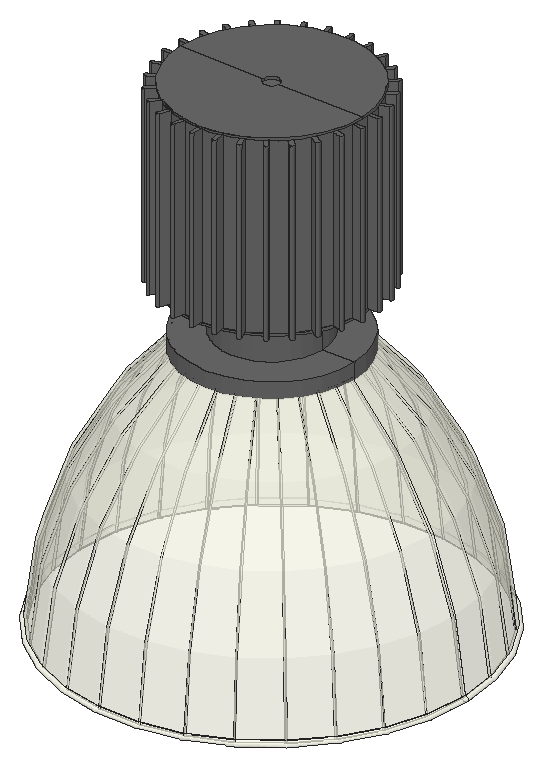
Revit family "TR1.PR", category Lighting Fixtures, Revit 2024
Family settings
  Round Connector Dimension = Use Diameter
  Part Type = Normal
  OmniClass Number = 23.80.70.00
  OmniClass Title = Lighting
  Work Plane-Based = No
  Always vertical = Yes
  Cut with Voids When Loaded = No
  Light Source = No
  Maintain Annotation Orientation = No
  Shared = No
  Room Calculation Point = No
Parameters
  Default Elevation = 0' - 0"
Reference planes (in)
  plane 1 "Light Source Axis (F/B)": y = 0
  plane 2: z = 0
  plane 3 "Light Source Axis (L/R)": x = 0
  plane 4 "Light Source Elevation": z = 54
Forms (in)
  Sweep 1, solid, material "GLASS SHADE", not visible
    path origin (75.968, 0, 0.00093) x (1, 0, 0) y (0, 0, 1)
      loop
        arc (-4.5864, 68.3252) -> (-8.91952, 61.72019) -> (-10.59309, 54) r 21.63816
    profile origin (67.04848, 0, 61.72112) x (0.922209, 0, -0.386691) y (0, -1, 0)
      loop
        circle (0, 0) r 0.03125
  Extrusion 2, solid, material "61", not visible
    sketch origin (21.22004, 0.07031, 3.70715) x (1, 0, 0) y (0, 1, 0)
      loop
        arc (0.70087, 4.42509) -> (0.0002, 4.48026) -> (-0.70003, 4.41981) r 4.27232
        line (-0.70003, 4.41981) -> (-0.65367, 4.12712)
        arc (-0.65367, 4.12712) -> (0, 4.17857) -> (0.65367, 4.12712) r 4.17857
        line (0.65367, 4.12712) -> (0.70087, 4.42509)
    from 66 to 73.80732
  Revolve 3, solid, material "61"
    sketch origin (0, 0, 0) x (1, 0, 0) y (0, 0, 1)
      loop
        line (1.61247, 63.86576) -> (2.87795, 63.86576) -> (2.87795, 63.9339) -> (1.51872, 63.9339) -> (1.51872, 63.86576) -> (1.51872, 62.33993) -> (2.53125, 62.33993) -> (2.53125, 61.93368) -> (2.625, 61.93368) -> (2.625, 62.43368) -> (1.61247, 62.43368) -> (1.61247, 63.86576)
      loop
        line (0.25, 69.43186) -> (2.87376, 69.43186) -> (2.87795, 69.5) -> (0.25, 69.5) -> (0.25, 69.43186)
      axis (0, 61.93368) -> (0, 69.5)
    angle from 0 to 360
  Revolve 4, solid, material "GLASS SHADE"
    sketch origin (0, 0, 0) x (1, 0, 0) y (0, 0, 1)
      loop
        arc (6.14986, 54.19326) -> (5.13107, 58.44102) -> (2.57335, 61.98213) r 11.26795
        line (2.57335, 61.98213) -> (2.50701, 61.91579)
        arc (2.50701, 61.91579) -> (5.06994, 58.34913) -> (6.06036, 54.07025) r 11.1742
        arc (6.06036, 54.07025) -> (6.2315, 54.03979) -> (6.14986, 54.19326) r 0.09666
      axis (0, 61.98213) -> (0, 54.07025)
    angle from 0 to 360
  Extrusion 5, solid, material "61"
    sketch origin (-21.0625, -9.2987, 57.43186) x (1, 0, 0) y (0, 1, 0)
      loop
        arc (21, 12.13951) -> (20.76548, 12.12463) -> (20.533, 12.09043) r 2.8415
        line (20.533, 12.09043) -> (20.46788, 12.39677)
        arc (20.46788, 12.39677) -> (20.39375, 12.44491) -> (20.34561, 12.37078) r 0.0625
        line (20.34561, 12.37078) -> (20.41073, 12.06444)
        arc (20.41073, 12.06444) -> (20.18443, 12.00112) -> (19.96413, 11.91933) r 2.8415
        line (19.96413, 11.91933) -> (19.83675, 12.20544)
        arc (19.83675, 12.20544) -> (19.75423, 12.23712) -> (19.72256, 12.1546) r 0.0625
        line (19.72256, 12.1546) -> (19.84994, 11.86849)
        arc (19.84994, 11.86849) -> (19.64175, 11.75951) -> (19.44328, 11.6337) r 2.8415
        line (19.44328, 11.6337) -> (19.25919, 11.88707)
        arc (19.25919, 11.88707) -> (19.17189, 11.9009) -> (19.15806, 11.8136) r 0.0625
        line (19.15806, 11.8136) -> (19.34215, 11.56023)
        arc (19.34215, 11.56023) -> (19.16117, 11.41034) -> (18.99319, 11.24602) r 2.8415
        line (18.99319, 11.24602) -> (18.76044, 11.45558)
        arc (18.76044, 11.45558) -> (18.67217, 11.45096) -> (18.6768, 11.36269) r 0.0625
        line (18.6768, 11.36269) -> (18.90954, 11.15313)
        arc (18.90954, 11.15313) -> (18.76368, 10.96889) -> (18.63353, 10.77323) r 2.8415
        line (18.63353, 10.77323) -> (18.36231, 10.92982)
        arc (18.36231, 10.92982) -> (18.27693, 10.90695) -> (18.29981, 10.82157) r 0.0625
        line (18.29981, 10.82157) -> (18.57103, 10.66498)
        arc (18.57103, 10.66498) -> (18.46666, 10.45444) -> (18.38004, 10.236) r 2.8415
        line (18.38004, 10.236) -> (18.08218, 10.33278)
        arc (18.08218, 10.33278) -> (18.00343, 10.29265) -> (18.04355, 10.2139) r 0.0625
        line (18.04355, 10.2139) -> (18.34141, 10.11712)
        arc (18.34141, 10.11712) -> (18.28309, 9.88948) -> (18.24378, 9.6578) r 2.8415
        line (18.24378, 9.6578) -> (17.93231, 9.69054)
        arc (17.93231, 9.69054) -> (17.86362, 9.63491) -> (17.91924, 9.56622) r 0.0625
        line (17.91924, 9.56622) -> (18.23072, 9.53349)
        arc (18.23072, 9.53349) -> (18.221, 9.2987) -> (18.23072, 9.06391) r 2.8415
        line (18.23072, 9.06391) -> (17.91924, 9.03117)
        arc (17.91924, 9.03117) -> (17.86362, 8.96248) -> (17.93231, 8.90686) r 0.0625
        line (17.93231, 8.90686) -> (18.24378, 8.93959)
        arc (18.24378, 8.93959) -> (18.28309, 8.70792) -> (18.34141, 8.48028) r 2.8415
        line (18.34141, 8.48028) -> (18.04355, 8.3835)
        arc (18.04355, 8.3835) -> (18.00343, 8.30474) -> (18.08218, 8.26462) r 0.0625
        line (18.08218, 8.26462) -> (18.38004, 8.3614)
        arc (18.38004, 8.3614) -> (18.46666, 8.14296) -> (18.57103, 7.93242) r 2.8415
        line (18.57103, 7.93242) -> (18.29981, 7.77582)
        arc (18.29981, 7.77582) -> (18.27693, 7.69045) -> (18.36231, 7.66757) r 0.0625
        line (18.36231, 7.66757) -> (18.63353, 7.82416)
        arc (18.63353, 7.82416) -> (18.76368, 7.62851) -> (18.90954, 7.44427) r 2.8415
        line (18.90954, 7.44427) -> (18.6768, 7.23471)
        arc (18.6768, 7.23471) -> (18.67217, 7.14644) -> (18.76044, 7.14181) r 0.0625
        line (18.76044, 7.14181) -> (18.99319, 7.35138)
        arc (18.99319, 7.35138) -> (19.16117, 7.18705) -> (19.34215, 7.03717) r 2.8415
        line (19.34215, 7.03717) -> (19.15806, 6.78379)
        arc (19.15806, 6.78379) -> (19.17189, 6.69649) -> (19.25919, 6.71032) r 0.0625
        line (19.25919, 6.71032) -> (19.44328, 6.9637)
        arc (19.44328, 6.9637) -> (19.64175, 6.83789) -> (19.84994, 6.72891) r 2.8415
        line (19.84994, 6.72891) -> (19.72256, 6.4428)
        arc (19.72256, 6.4428) -> (19.75423, 6.36028) -> (19.83675, 6.39195) r 0.0625
        line (19.83675, 6.39195) -> (19.96413, 6.67806)
        arc (19.96413, 6.67806) -> (20.18443, 6.59627) -> (20.41073, 6.53296) r 2.8415
        line (20.41073, 6.53296) -> (20.34561, 6.22661)
        arc (20.34561, 6.22661) -> (20.39375, 6.15249) -> (20.46788, 6.20063) r 0.0625
        line (20.46788, 6.20063) -> (20.533, 6.50697)
        arc (20.533, 6.50697) -> (20.76548, 6.47276) -> (21, 6.45788) r 2.8415
        line (21, 6.45788) -> (21, 6.1447)
        arc (21, 6.1447) -> (21.0625, 6.0822) -> (21.125, 6.1447) r 0.0625
        line (21.125, 6.1447) -> (21.125, 6.45788)
        arc (21.125, 6.45788) -> (21.35952, 6.47276) -> (21.592, 6.50697) r 2.8415
        line (21.592, 6.50697) -> (21.65712, 6.20063)
        arc (21.65712, 6.20063) -> (21.73125, 6.15249) -> (21.77939, 6.22661) r 0.0625
        line (21.77939, 6.22661) -> (21.71427, 6.53296)
        arc (21.71427, 6.53296) -> (21.94057, 6.59627) -> (22.16087, 6.67806) r 2.8415
        line (22.16087, 6.67806) -> (22.28825, 6.39195)
        arc (22.28825, 6.39195) -> (22.37077, 6.36028) -> (22.40244, 6.4428) r 0.0625
        line (22.40244, 6.4428) -> (22.27506, 6.72891)
        arc (22.27506, 6.72891) -> (22.48325, 6.83789) -> (22.68172, 6.9637) r 2.8415
        line (22.68172, 6.9637) -> (22.86581, 6.71032)
        arc (22.86581, 6.71032) -> (22.95311, 6.69649) -> (22.96694, 6.78379) r 0.0625
        line (22.96694, 6.78379) -> (22.78285, 7.03717)
        arc (22.78285, 7.03717) -> (22.96383, 7.18705) -> (23.13181, 7.35138) r 2.8415
        line (23.13181, 7.35138) -> (23.36456, 7.14181)
        arc (23.36456, 7.14181) -> (23.45283, 7.14644) -> (23.4482, 7.23471) r 0.0625
        line (23.4482, 7.23471) -> (23.21546, 7.44427)
        arc (23.21546, 7.44427) -> (23.36132, 7.62851) -> (23.49147, 7.82416) r 2.8415
        line (23.49147, 7.82416) -> (23.76269, 7.66757)
        arc (23.76269, 7.66757) -> (23.84807, 7.69045) -> (23.82519, 7.77582) r 0.0625
        line (23.82519, 7.77582) -> (23.55397, 7.93242)
        arc (23.55397, 7.93242) -> (23.65834, 8.14296) -> (23.74496, 8.3614) r 2.8415
        line (23.74496, 8.3614) -> (24.04282, 8.26462)
        arc (24.04282, 8.26462) -> (24.12157, 8.30474) -> (24.08145, 8.3835) r 0.0625
        line (24.08145, 8.3835) -> (23.78359, 8.48028)
        arc (23.78359, 8.48028) -> (23.84191, 8.70792) -> (23.88122, 8.93959) r 2.8415
        line (23.88122, 8.93959) -> (24.19269, 8.90686)
        arc (24.19269, 8.90686) -> (24.26138, 8.96248) -> (24.20576, 9.03117) r 0.0625
        line (24.20576, 9.03117) -> (23.89428, 9.06391)
        arc (23.89428, 9.06391) -> (23.904, 9.2987) -> (23.89428, 9.53349) r 2.8415
        line (23.89428, 9.53349) -> (24.20576, 9.56622)
        arc (24.20576, 9.56622) -> (24.26138, 9.63491) -> (24.19269, 9.69054) r 0.0625
        line (24.19269, 9.69054) -> (23.88122, 9.6578)
        arc (23.88122, 9.6578) -> (23.84191, 9.88948) -> (23.78359, 10.11712) r 2.8415
        line (23.78359, 10.11712) -> (24.08145, 10.2139)
        arc (24.08145, 10.2139) -> (24.12157, 10.29265) -> (24.04282, 10.33278) r 0.0625
        line (24.04282, 10.33278) -> (23.74496, 10.236)
        arc (23.74496, 10.236) -> (23.65834, 10.45444) -> (23.55397, 10.66498) r 2.8415
        line (23.55397, 10.66498) -> (23.82519, 10.82157)
        arc (23.82519, 10.82157) -> (23.84807, 10.90695) -> (23.76269, 10.92982) r 0.0625
        line (23.76269, 10.92982) -> (23.49147, 10.77323)
        arc (23.49147, 10.77323) -> (23.36132, 10.96889) -> (23.21546, 11.15313) r 2.8415
        line (23.21546, 11.15313) -> (23.4482, 11.36269)
        arc (23.4482, 11.36269) -> (23.45283, 11.45096) -> (23.36456, 11.45558) r 0.0625
        line (23.36456, 11.45558) -> (23.13181, 11.24602)
        arc (23.13181, 11.24602) -> (22.96383, 11.41034) -> (22.78285, 11.56023) r 2.8415
        line (22.78285, 11.56023) -> (22.96694, 11.8136)
        arc (22.96694, 11.8136) -> (22.95311, 11.9009) -> (22.86581, 11.88707) r 0.0625
        line (22.86581, 11.88707) -> (22.68172, 11.6337)
        arc (22.68172, 11.6337) -> (22.48325, 11.75951) -> (22.27506, 11.86849) r 2.8415
        line (22.27506, 11.86849) -> (22.40244, 12.1546)
        arc (22.40244, 12.1546) -> (22.37077, 12.23712) -> (22.28825, 12.20544) r 0.0625
        line (22.28825, 12.20544) -> (22.16087, 11.91933)
        arc (22.16087, 11.91933) -> (21.94057, 12.00112) -> (21.71427, 12.06444) r 2.8415
        line (21.71427, 12.06444) -> (21.77939, 12.37078)
        arc (21.77939, 12.37078) -> (21.73125, 12.44491) -> (21.65712, 12.39677) r 0.0625
        line (21.65712, 12.39677) -> (21.592, 12.09043)
        arc (21.592, 12.09043) -> (21.35952, 12.12463) -> (21.125, 12.13951) r 2.8415
        line (21.125, 12.13951) -> (21.125, 12.4527)
        arc (21.125, 12.4527) -> (21.0625, 12.5152) -> (21, 12.4527) r 0.0625
        line (21, 12.4527) -> (21, 12.13951)
    from 6.50204 to 12
  Sweep 6, solid, material "GLASS SHADE"
    path origin (0, 0, 0) x (1, 0, 0) y (0, 0, 1)
      loop
        arc (-2.50701, 61.91579) -> (-5.056, 58.34281) -> (-6.06036, 54.07025) r 11.36039
    profile origin (-5.056, 0, 58.34281) x (0.910926, 0, -0.41257) y (0, -1, 0)
      loop
        circle (0, 0) r 0.03125
  Sweep 7, solid, material "GLASS SHADE"
    path origin (0, 0, 0) x (0.978148, -0.207912, 0) y (0, 0, 1)
      loop
        arc (-2.50701, 61.91579) -> (-5.056, 58.34281) -> (-6.06036, 54.07025) r 11.36039
    profile origin (-4.94552, 1.0512, 58.34281) x (0.89102, -0.189392, -0.41257) y (-0.207912, -0.978148, 0)
      loop
        circle (0, 0) r 0.03125
  Sweep 8, solid, material "GLASS SHADE"
    path origin (0, 0, 0) x (0.978148, 0.207912, 0) y (0, 0, 1)
      loop
        arc (-2.50701, 61.91579) -> (-5.056, 58.34281) -> (-6.06036, 54.07025) r 11.36039
    profile origin (-4.94552, -1.0512, 58.34281) x (0.89102, 0.189392, -0.41257) y (0.207912, -0.978148, 0)
      loop
        circle (0, 0) r 0.03125
  Sweep 9, solid, material "GLASS SHADE"
    path origin (0, 0, 0) x (0.913545, 0.406737, 0) y (0, 0, 1)
      loop
        arc (-2.50701, 61.91579) -> (-5.056, 58.34281) -> (-6.06036, 54.07025) r 11.36039
    profile origin (-4.61889, -2.05646, 58.34281) x (0.832172, 0.370507, -0.41257) y (0.406737, -0.913545, 0)
      loop
        circle (0, 0) r 0.03125
  Sweep 10, solid, material "GLASS SHADE"
    path origin (0, 0, 0) x (0.809017, 0.587785, 0) y (0, 0, 1)
      loop
        arc (-2.50701, 61.91579) -> (-5.056, 58.34281) -> (-6.06036, 54.07025) r 11.36039
    profile origin (-4.09039, -2.97184, 58.34281) x (0.736955, 0.535429, -0.41257) y (0.587785, -0.809017, 0)
      loop
        circle (0, 0) r 0.03125
  Sweep 11, solid, material "GLASS SHADE"
    path origin (0, 0, 0) x (0.669131, 0.743145, 0) y (0, 0, 1)
      loop
        arc (-2.50701, 61.91579) -> (-5.056, 58.34281) -> (-6.06036, 54.07025) r 11.36039
    profile origin (-3.38313, -3.75734, 58.34281) x (0.609529, 0.67695, -0.41257) y (0.743145, -0.669131, 0)
      loop
        circle (0, 0) r 0.03125
  Sweep 12, solid, material "GLASS SHADE"
    path origin (0, 0, 0) x (0.5, 0.866025, 0) y (0, 0, 1)
      loop
        arc (-2.50701, 61.91579) -> (-5.056, 58.34281) -> (-6.06036, 54.07025) r 11.36039
    profile origin (-2.528, -4.37863, 58.34281) x (0.455463, 0.788885, -0.41257) y (0.866025, -0.5, 0)
      loop
        circle (0, 0) r 0.03125
  Sweep 13, solid, material "GLASS SHADE"
    path origin (0, 0, 0) x (0.309017, 0.951057, 0) y (0, 0, 1)
      loop
        arc (-2.50701, 61.91579) -> (-5.056, 58.34281) -> (-6.06036, 54.07025) r 11.36039
    profile origin (-1.56239, -4.80854, 58.34281) x (0.281492, 0.866342, -0.41257) y (0.951057, -0.309017, 0)
      loop
        circle (0, 0) r 0.03125
  Sweep 14, solid, material "GLASS SHADE"
    path origin (0, 0, 0) x (0.104528, 0.994522, 0) y (0, 0, 1)
      loop
        arc (-2.50701, 61.91579) -> (-5.056, 58.34281) -> (-6.06036, 54.07025) r 11.36039
    profile origin (-0.5285, -5.0283, 58.34281) x (0.095218, 0.905936, -0.41257) y (0.994522, -0.104528, 0)
      loop
        circle (0, 0) r 0.03125
  Sweep 15, solid, material "GLASS SHADE"
    path origin (0, 0, 0) x (-0.104528, 0.994522, 0) y (0, 0, 1)
      loop
        arc (-2.50701, 61.91579) -> (-5.056, 58.34281) -> (-6.06036, 54.07025) r 11.36039
    profile origin (0.5285, -5.0283, 58.34281) x (-0.095218, 0.905936, -0.41257) y (0.994522, 0.104528, 0)
      loop
        circle (0, 0) r 0.03125
  Sweep 16, solid, material "GLASS SHADE"
    path origin (0, 0, 0) x (-0.309017, 0.951057, 0) y (0, 0, 1)
      loop
        arc (-2.50701, 61.91579) -> (-5.056, 58.34281) -> (-6.06036, 54.07025) r 11.36039
    profile origin (1.56239, -4.80854, 58.34281) x (-0.281492, 0.866342, -0.41257) y (0.951057, 0.309017, 0)
      loop
        circle (0, 0) r 0.03125
  Sweep 17, solid, material "GLASS SHADE"
    path origin (0, 0, 0) x (-0.5, 0.866025, 0) y (0, 0, 1)
      loop
        arc (-2.50701, 61.91579) -> (-5.056, 58.34281) -> (-6.06036, 54.07025) r 11.36039
    profile origin (2.528, -4.37863, 58.34281) x (-0.455463, 0.788885, -0.41257) y (0.866025, 0.5, 0)
      loop
        circle (0, 0) r 0.03125
  Sweep 18, solid, material "GLASS SHADE"
    path origin (0, 0, 0) x (-0.669131, 0.743145, 0) y (0, 0, 1)
      loop
        arc (-2.50701, 61.91579) -> (-5.056, 58.34281) -> (-6.06036, 54.07025) r 11.36039
    profile origin (3.38313, -3.75734, 58.34281) x (-0.609529, 0.67695, -0.41257) y (0.743145, 0.669131, 0)
      loop
        circle (0, 0) r 0.03125
  Sweep 19, solid, material "GLASS SHADE"
    path origin (0, 0, 0) x (-0.809017, 0.587785, 0) y (0, 0, 1)
      loop
        arc (-2.50701, 61.91579) -> (-5.056, 58.34281) -> (-6.06036, 54.07025) r 11.36039
    profile origin (4.09039, -2.97184, 58.34281) x (-0.736955, 0.535429, -0.41257) y (0.587785, 0.809017, 0)
      loop
        circle (0, 0) r 0.03125
  Sweep 20, solid, material "GLASS SHADE"
    path origin (0, 0, 0) x (-0.913545, 0.406737, 0) y (0, 0, 1)
      loop
        arc (-2.50701, 61.91579) -> (-5.056, 58.34281) -> (-6.06036, 54.07025) r 11.36039
    profile origin (4.61889, -2.05646, 58.34281) x (-0.832172, 0.370507, -0.41257) y (0.406737, 0.913545, 0)
      loop
        circle (0, 0) r 0.03125
  Sweep 21, solid, material "GLASS SHADE"
    path origin (0, 0, 0) x (-0.978148, 0.207912, 0) y (0, 0, 1)
      loop
        arc (-2.50701, 61.91579) -> (-5.056, 58.34281) -> (-6.06036, 54.07025) r 11.36039
    profile origin (4.94552, -1.0512, 58.34281) x (-0.89102, 0.189392, -0.41257) y (0.207912, 0.978148, 0)
      loop
        circle (0, 0) r 0.03125
  Sweep 22, solid, material "GLASS SHADE"
    path origin (0, 0, 0) x (-1, 0, 0) y (0, 0, 1)
      loop
        arc (-2.50701, 61.91579) -> (-5.056, 58.34281) -> (-6.06036, 54.07025) r 11.36039
    profile origin (5.056, 0, 58.34281) x (-0.910926, 0, -0.41257) y (0, 1, 0)
      loop
        circle (0, 0) r 0.03125
  Sweep 23, solid, material "GLASS SHADE"
    path origin (0, 0, 0) x (-0.978148, -0.207912, 0) y (0, 0, 1)
      loop
        arc (-2.50701, 61.91579) -> (-5.056, 58.34281) -> (-6.06036, 54.07025) r 11.36039
    profile origin (4.94552, 1.0512, 58.34281) x (-0.89102, -0.189392, -0.41257) y (-0.207912, 0.978148, 0)
      loop
        circle (0, 0) r 0.03125
  Sweep 24, solid, material "GLASS SHADE"
    path origin (0, 0, 0) x (-0.913545, -0.406737, 0) y (0, 0, 1)
      loop
        arc (-2.50701, 61.91579) -> (-5.056, 58.34281) -> (-6.06036, 54.07025) r 11.36039
    profile origin (4.61889, 2.05646, 58.34281) x (-0.832172, -0.370507, -0.41257) y (-0.406737, 0.913545, 0)
      loop
        circle (0, 0) r 0.03125
  Sweep 25, solid, material "GLASS SHADE"
    path origin (0, 0, 0) x (-0.809017, -0.587785, 0) y (0, 0, 1)
      loop
        arc (-2.50701, 61.91579) -> (-5.056, 58.34281) -> (-6.06036, 54.07025) r 11.36039
    profile origin (4.09039, 2.97184, 58.34281) x (-0.736955, -0.535429, -0.41257) y (-0.587785, 0.809017, 0)
      loop
        circle (0, 0) r 0.03125
  Sweep 26, solid, material "GLASS SHADE"
    path origin (0, 0, 0) x (-0.669131, -0.743145, 0) y (0, 0, 1)
      loop
        arc (-2.50701, 61.91579) -> (-5.056, 58.34281) -> (-6.06036, 54.07025) r 11.36039
    profile origin (3.38313, 3.75734, 58.34281) x (-0.609529, -0.67695, -0.41257) y (-0.743145, 0.669131, 0)
      loop
        circle (0, 0) r 0.03125
  Sweep 27, solid, material "GLASS SHADE"
    path origin (0, 0, 0) x (-0.5, -0.866025, 0) y (0, 0, 1)
      loop
        arc (-2.50701, 61.91579) -> (-5.056, 58.34281) -> (-6.06036, 54.07025) r 11.36039
    profile origin (2.528, 4.37863, 58.34281) x (-0.455463, -0.788885, -0.41257) y (-0.866025, 0.5, 0)
      loop
        circle (0, 0) r 0.03125
  Sweep 28, solid, material "GLASS SHADE"
    path origin (0, 0, 0) x (-0.309017, -0.951057, 0) y (0, 0, 1)
      loop
        arc (-2.50701, 61.91579) -> (-5.056, 58.34281) -> (-6.06036, 54.07025) r 11.36039
    profile origin (1.56239, 4.80854, 58.34281) x (-0.281492, -0.866342, -0.41257) y (-0.951057, 0.309017, 0)
      loop
        circle (0, 0) r 0.03125
  Sweep 29, solid, material "GLASS SHADE"
    path origin (0, 0, 0) x (-0.104528, -0.994522, 0) y (0, 0, 1)
      loop
        arc (-2.50701, 61.91579) -> (-5.056, 58.34281) -> (-6.06036, 54.07025) r 11.36039
    profile origin (0.5285, 5.0283, 58.34281) x (-0.095218, -0.905936, -0.41257) y (-0.994522, 0.104528, 0)
      loop
        circle (0, 0) r 0.03125
  Sweep 30, solid, material "GLASS SHADE"
    path origin (0, 0, 0) x (0.104528, -0.994522, 0) y (0, 0, 1)
      loop
        arc (-2.50701, 61.91579) -> (-5.056, 58.34281) -> (-6.06036, 54.07025) r 11.36039
    profile origin (-0.5285, 5.0283, 58.34281) x (0.095218, -0.905936, -0.41257) y (-0.994522, -0.104528, 0)
      loop
        circle (0, 0) r 0.03125
  Sweep 31, solid, material "GLASS SHADE"
    path origin (0, 0, 0) x (0.309017, -0.951057, 0) y (0, 0, 1)
      loop
        arc (-2.50701, 61.91579) -> (-5.056, 58.34281) -> (-6.06036, 54.07025) r 11.36039
    profile origin (-1.56239, 4.80854, 58.34281) x (0.281492, -0.866342, -0.41257) y (-0.951057, -0.309017, 0)
      loop
        circle (0, 0) r 0.03125
  Sweep 32, solid, material "GLASS SHADE"
    path origin (0, 0, 0) x (0.5, -0.866025, 0) y (0, 0, 1)
      loop
        arc (-2.50701, 61.91579) -> (-5.056, 58.34281) -> (-6.06036, 54.07025) r 11.36039
    profile origin (-2.528, 4.37863, 58.34281) x (0.455463, -0.788885, -0.41257) y (-0.866025, -0.5, 0)
      loop
        circle (0, 0) r 0.03125
  Sweep 33, solid, material "GLASS SHADE"
    path origin (0, 0, 0) x (0.669131, -0.743145, 0) y (0, 0, 1)
      loop
        arc (-2.50701, 61.91579) -> (-5.056, 58.34281) -> (-6.06036, 54.07025) r 11.36039
    profile origin (-3.38313, 3.75734, 58.34281) x (0.609529, -0.67695, -0.41257) y (-0.743145, -0.669131, 0)
      loop
        circle (0, 0) r 0.03125
  Sweep 34, solid, material "GLASS SHADE"
    path origin (0, 0, 0) x (0.809017, -0.587785, 0) y (0, 0, 1)
      loop
        arc (-2.50701, 61.91579) -> (-5.056, 58.34281) -> (-6.06036, 54.07025) r 11.36039
    profile origin (-4.09039, 2.97184, 58.34281) x (0.736955, -0.535429, -0.41257) y (-0.587785, -0.809017, 0)
      loop
        circle (0, 0) r 0.03125
  Sweep 35, solid, material "GLASS SHADE"
    path origin (0, 0, 0) x (0.913545, -0.406737, 0) y (0, 0, 1)
      loop
        arc (-2.50701, 61.91579) -> (-5.056, 58.34281) -> (-6.06036, 54.07025) r 11.36039
    profile origin (-4.61889, 2.05646, 58.34281) x (0.832172, -0.370507, -0.41257) y (-0.406737, -0.913545, 0)
      loop
        circle (0, 0) r 0.03125
Dimensions and locks (in)
  aligned and locked: level to plane 2
